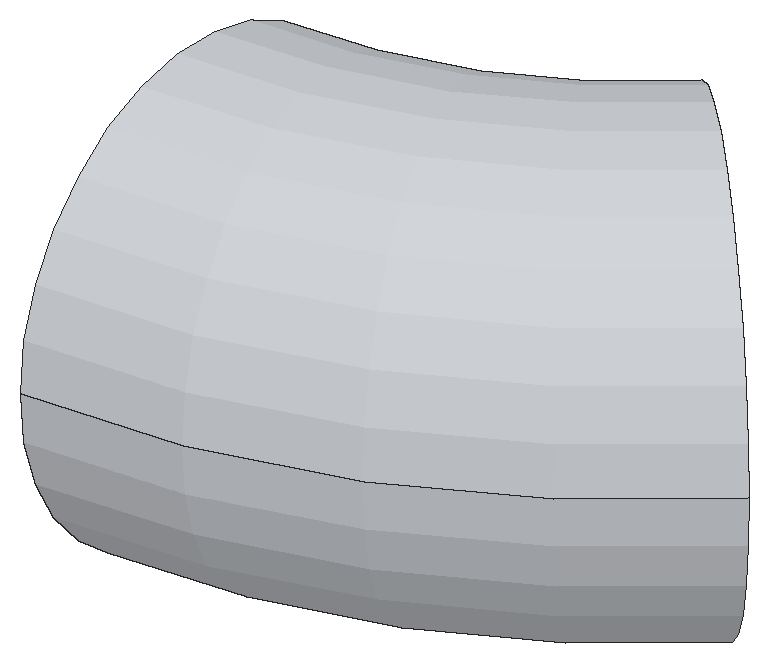
Revit family "Rohrbogen-DIN2605-Bauart 3", category Rohrformteile, Revit 2016
Family settings
  Teiletyp = Bogen
  Bemaßung runder Anschluss = Radius verwenden
  OmniClass-Nummer = 23.60.30.11.14
  OmniClass-Titel = Pipework Fittings
  Arbeitsebenenbasiert = Nein
  Immer vertikal = Ja
  Beim Laden mit Abzugskörper schneiden = Nein
  Gemeinsam genutzt = Nein
Parameters (values of type "Standard")
  DN [instance] = size_lookup(Name der Abruftabelle, "ORad", Nenndurchmesser, Nenndurchmesser)  # 60.3 mm
  Außenradius [instance] = DN / 2  # 30.15 mm
  Nennradius [instance] = 25 mm
  Nenndurchmesser [instance] = Nennradius * 2  # 50 mm
  Verlustberechnungsmethode = K-Koeffizient aus Tabelle
  Name der Abruftabelle = "Elbow Steel DIN 2605"
  Länge 2 [instance] = Bogenradius - Bogenradius * cos(Winkel)  # 22.26 mm
  Länge 1 [instance] = Bogenradius * sin(Winkel)  # 53.74 mm
  K-Koeffizient-Tabelle = "Regular 45, 90 and 180 Elbow"
  Abstand Mittelpunkt Ende [instance] = Radius 1 * tan(Winkel / 2)  # 31.48 mm
  Radius 1 [instance] = if(Bogenradius < Außenradius + 1 mm, Außenradius + 1 mm, Bogenradius)  # 76 mm
  Bogenradius [instance] = size_lookup(Name der Abruftabelle, "CRad3", Nenndurchmesser, Nenndurchmesser)  # 76 mm
  Winkel [instance] = 45.00°
Reference planes
  plane 1 "Mitte (Vorne/Hinten)": y = 0
  plane 2: z = 0
  plane 3 "Mitte (Links/Rechts)": x = 0
  plane 4: x = -31.48
  plane 5: y = 76
  plane 6: y = 25
  plane 7: y = -25
  plane 8: z = 25
  plane 9: z = -25
  plane 10: x = 22.26
  plane 11: y = 22.26
Forms (mm)
  Sweep 1, solid, detail levels fine
    path in 3D
      loop
        arc (-31.48, 0, 0) -> (-2.396, 5.785, 0) -> (22.26, 22.26, 0) r 76
    profile origin (-2.396, 5.785, 0) x (-0.382683, 0.92388, 0) y (0, 0, 1)
      loop
        circle (0, 0) r 30.15
Lines and regions (mm)
  reference lines
    curve 1: arc (-31.48, 0, 0) -> (-2.396, 5.785, 0) -> (22.26, 22.26, 0) r 76
    curve 6: line (-31.48, 76, 0) -> (2.805, 41.715, 0)
    curve 7: line (-31.48, 76, 0) -> (1.69, 109.17, 0)
    curve 8: line (49.234, 49.234, 0) -> (-5.469, -5.469, 0)
    curve 9: line (26.107, 61.463, 0) -> (8.43, 43.785, 0)
    curve 10: line (61.463, 26.107, 0) -> (43.785, 8.43, 0)
    curve 14: line (-31.48, 76, 0) -> (-31.48, 0, 0)
  sketch lines
    curve 2: arc (-31.48, 0, 0) -> (-2.396, 5.785, 0) -> (22.26, 22.26, 0) r 76
  model lines, style "Symbol", detail levels coarse+medium
    curve 3: line (-31.48, 0, 25) -> (-31.48, 0, -25)
    curve 5: line (-31.48, 25, 0) -> (-31.48, -25, 0)
    curve 12: line (4.582, 39.938, 0) -> (39.938, 4.582, 0)
    curve 15: arc (-31.48, 0, 0) -> (-2.396, 5.785, 0) -> (22.26, 22.26, 0) r 76
    curve 16: line (22.26, 22.26, 25) -> (22.26, 22.26, -25)
  model lines, detail levels coarse+medium
    curve 4: line (-31.48, 25, 0) -> (-31.48, -25, 0)
    curve 11: line (4.582, 39.938, 0) -> (39.938, 4.582, 0)
    curve 13: arc (-31.48, 0, 0) -> (-2.396, 5.785, 0) -> (22.26, 22.26, 0) r 76
Dimensions and locks
  "Abstand Mittelpunkt Ende": plane 4 to plane 3 "Mitte (Links/Rechts)"
  "Radius 1": plane 5 to plane 1 "Mitte (Vorne/Hinten)"
  locked: plane 5 to curve 1 at 0
  locked: plane 4 to curve 1 at 0
  "Nennradius": plane 6 to plane 1 "Mitte (Vorne/Hinten)"
  equal spacing: plane 6, plane 1 "Mitte (Vorne/Hinten)", plane 7
  "Radius 1": curve 7 to curve 8
  "Nennradius": curve 9 to curve 8
  "Nennradius": curve 8 to curve 10
  "Nennradius": plane 8 to plane 2
  "Nennradius": plane 9 to plane 2
  "Länge 1": plane 4 to plane 10
  "Länge 2": plane 11 to plane 1 "Mitte (Vorne/Hinten)"
  "Radius 1": radius of curve 1
  "Außenradius": radius of Sweep 1 sketch curve
  "Radius 1": radius of curve 13
  "Radius 1": radius of curve 15
  "Winkel": angle curve 1 to curve 1
  "Winkel": angle plane 4 to curve 6
  locked: curve 6 to curve 7 (angle 90.00°)
  locked: curve 6 to curve 8 (angle 90.00°)
  locked: curve 6 to curve 9 (angle 90.00°)
  locked: curve 6 to curve 10 (angle 90.00°)
  "Winkel": angle curve 13 to curve 13
  "Winkel": angle curve 15 to curve 15
  aligned and locked: plane 4 to curve 1
  aligned and locked: plane 1 "Mitte (Vorne/Hinten)" to curve 3
  aligned and locked: curve 4 to plane 6
  aligned and locked: curve 4 to plane 7
  aligned and locked: curve 4 to plane 4
  aligned and locked: curve 5 to plane 7
  aligned and locked: curve 5 to plane 6
  aligned and locked: curve 5 to plane 4
  aligned and locked: plane 4 to curve 6
  aligned and locked: plane 5 to curve 6
  aligned and locked: plane 4 to curve 7
  aligned and locked: plane 5 to curve 7
  aligned and locked: curve 9 to curve 11
  aligned and locked: curve 10 to curve 11
  aligned and locked: curve 6 to curve 11
  aligned and locked: curve 9 to curve 12
  aligned and locked: curve 10 to curve 12
  aligned and locked: curve 6 to curve 12
  aligned and locked: plane 4 to curve 13  (x2)
  aligned and locked: plane 1 "Mitte (Vorne/Hinten)" to curve 13
  aligned and locked: plane 5 to curve 14
  aligned and locked: curve 14 to plane 4
  aligned and locked: plane 5 to curve 15
  aligned and locked: plane 4 to curve 15  (x2)
  aligned and locked: plane 8 to curve 16
  aligned and locked: curve 16 to plane 9
  aligned and locked: curve 16 to plane 11
Automatic sketch dimensions
  curve 3 to curve 3 = 50 mm
  Sweep 1 sketch curve to profile plane = 0 mm
  profile plane to Sweep 1 sketch curve = 0 mm
  curve 8 to curve 6 = 39.215 mm
  curve 6 to curve 9 = 5.441 mm
  curve 10 to curve 6 = 5.441 mm
Connectors
  piping at (-31.48, 0, 0), diameter 50, driven by "Nennradius", driven by "Winkel"
    settings: on Sweep 1, index 1, connector inside diameter 50 mm, connector length 0 mm, flow factor 0, pipe flow 0.0 L/s, pressure drop 0.0 Pa, fitting loss kfactor 0, connector angle 45.00°, fixture units 0, engagement length 0 mm, angle of deflection 0.00°, flow configuration 0, flow direction 0, fitting loss method 0, system type 28, joint type 0, gender type 0, connector reference index 2, connector utility 0, adjustable connector no, is connector primary yes, connector description ""
  piping at (22.26, 22.26, 0), diameter 50, driven by "Nennradius", driven by "Winkel"
    settings: on Sweep 1, index 2, connector inside diameter 50 mm, connector length 0 mm, flow factor 0, pipe flow 0.0 L/s, pressure drop 0.0 Pa, fitting loss kfactor 0, connector angle 45.00°, fixture units 0, engagement length 0 mm, angle of deflection 0.00°, flow configuration 0, flow direction 0, fitting loss method 0, system type 28, joint type 0, gender type 0, connector reference index 1, connector utility 0, adjustable connector no, is connector primary no, connector description ""
